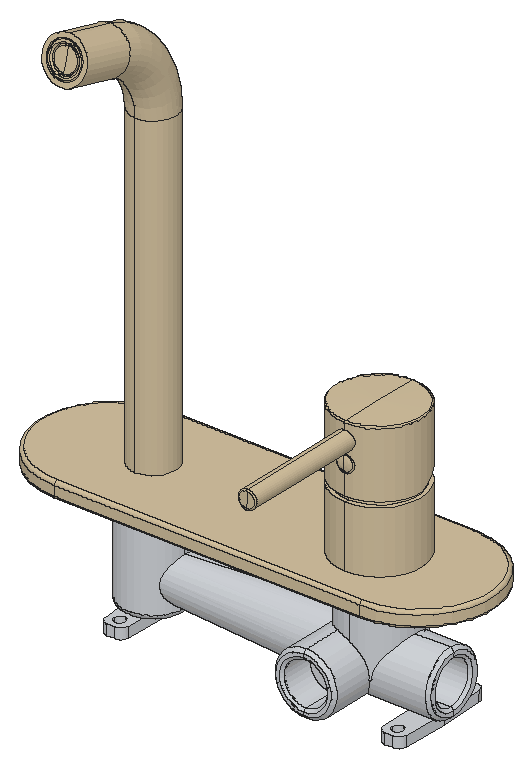
Revit family "Reece_Tap_Mizu_Drift_Wall Basin or Bath Mixer_Curved", category Plumbing Fixtures, host Face, Revit 2018
Family settings
  Host = Face
  Round Connector Dimension = Use Diameter
  Part Type = Normal
  Cut with Voids When Loaded = No
  Shared = Yes
  Room Calculation Point = Yes
Parameters (values of type "187 mm_Brushed Brass")
  WFU = 0  # constant formula
  URL = "https://www.reece.com.au/product/-2267393"
  Type Comments = "Tap"
  Reece_Tap_Reach = 187 mm  # constant formula
  Reece_Tap_Inlet = 25 mm  # constant formula
  Reece_Stand_Radius = 19 mm  # constant formula
  Reece_Product_Web Page = "https://www.reece.com.au/product/-2267393"
  Reece_Product_Type = "Tap"  # constant formula
  Reece_Product_Sub Brand = "Drift"  # constant formula
  Reece_Product_Number = "2267393"
  Reece_Product_Mount = "Wall Mounted"  # constant formula
  Reece_Product_Description = "Mizu Drift Wall Basin / Bath Mixer Set with Curved Spout Kit Brushed Brass (6 Star)"
  Reece_Product_Brand = "Mizu"  # constant formula
  Reece_Overall_Width = 200 mm  # constant formula
  Reece_Overall_Projection = 196.5 mm  # constant formula
  Reece_Overall_Height = 106 mm  # constant formula
  Reece_Nozzle_Pipe Radius = 12 mm  # constant formula
  Reece_Material_Main = Reece_Brass_Brushed
  Reece_Detail_Shape = "Curved"  # constant formula
  Reece_Detail_Installation = ""
  Reece_Detail_Disclaimer = "THIS FILE IS THE PROPERTY OF THE REECE GROUP. IT MAY NOT BE REPRODUCED, REVERSE-ENGINEERED, OR MODIFIED. ANY REPUBLICATION, TRANSMISSION, OR DISTRIBUTION FOR THE PURPOSE OF COMMERCIALLY EXPLOITING THE FILES IS PROHIBITED."  # constant formula
  Reece_Detail_Connector = ""
  Reece_Detail_Additional = ""  # constant formula
  Model = "Drift"
  Manufacturer = "Mizu"
  Keynote = "Product #2267393, Reece_Tap_Mizu_Drift_Wall Basin or Bath Mixer_Curved - 187 mm_Brushed Brass"
  HWFU = 0  # constant formula
  Disclaimer = "THIS FILE IS THE PROPERTY OF THE REECE GROUP. IT MAY NOT BE REPRODUCED, REVERSE-ENGINEERED, OR MODIFIED. ANY REPUBLICATION, TRANSMISSION, OR DISTRIBUTION FOR THE PURPOSE OF COMMERCIALLY EXPLOITING THE FILES IS PROHIBITED."  # constant formula
  Description = "Mizu Drift Wall Basin / Bath Mixer Set with Curved Spout Kit Brushed Brass (6 Star)"
  Default Elevation = 1000 mm
  CWFU = 0  # constant formula
Types (5, lengths in mm): name | URL | Reece_Product_Web Page | Reece_Product_Number | Reece_Product_Description | Reece_Material_Main | Keynote | Description
  187 mm_Brushed Brass | "https://www.reece.com.au/product/-2267393" | "https://www.reece.com.au/product/-2267393" | "2267393" | "Mizu Drift Wall Basin / Bath Mixer Set with Curved Spout Kit Brushed Brass (6 Star)" | Reece_Brass_Brushed | "Product #2267393, Reece_Tap_Mizu_Drift_Wall Basin or Bath Mixer_Curved - 187 mm_Brushed Brass" | "Mizu Drift Wall Basin / Bath Mixer Set with Curved Spout Kit Brushed Brass (6 Star)"
  187 mm_Chrome | "https://www.reece.com.au/product/-2267365" | "https://www.reece.com.au/product/-2267365" | "2267365" | "Mizu Drift Wall Basin / Bath Mixer Set with Curved Spout Kit Chrome (6 Star)" | Reece_Brass_Chrome | "Product #2267365, Reece_Tap_Mizu_Drift_Wall Basin or Bath Mixer_Curved - 187 mm_Chrome" | "Mizu Drift Wall Basin / Bath Mixer Set with Curved Spout Kit Chrome (6 Star)"
  187 mm_Brushed Gunmetal | "https://www.reece.com.au/product/-2267386" | "https://www.reece.com.au/product/-2267386" | "2267386" | "Mizu Drift Wall Basin / Bath Mixer Set with Curved Spout Kit Brushed Gunmetal (6 Star)" | Reece_Brass_Brushed Gunmetal | "Product #2267386, Reece_Tap_Mizu_Drift_Wall Basin or Bath Mixer_Curved - 187 mm_Brushed Gunmetal" | "Mizu Drift Wall Basin / Bath Mixer Set with Curved Spout Kit Brushed Gunmetal (6 Star)"
  187 mm_Brushed Nickel | "https://www.reece.com.au/product/-2267379" | "https://www.reece.com.au/product/-2267379" | "2267379" | "Mizu Drift Wall Basin / Bath Mixer Set with Curved Spout Kit Brushed Nickel (6 Star)" | Reece_Brass_Brushed Nickel | "Product #2267379, Reece_Tap_Mizu_Drift_Wall Basin or Bath Mixer_Curved - 187 mm_Brushed Nickel" | "Mizu Drift Wall Basin / Bath Mixer Set with Curved Spout Kit Brushed Nickel (6 Star)"
  187 mm_Matte Black | "https://www.reece.com.au/product/-2267372" | "https://www.reece.com.au/product/-2267372" | "2267372" | "Mizu Drift Wall Basin / Bath Mixer Set with Curved Spout Kit Matte Black (6 Star)" | Reece_Brass_Matte Black | "Product #2267372, Reece_Tap_Mizu_Drift_Wall Basin or Bath Mixer_Curved - 187 mm_Matte Black" | "Mizu Drift Wall Basin / Bath Mixer Set with Curved Spout Kit Matte Black (6 Star)"
Reference planes
  plane 1 "Center (Front/Back)": y = 0
  plane 2: z = 0
  plane 3 "Center (Left/Right)": x = 0
  plane 4: z = 187
  plane 5: y = -48.861
  plane 6: z = 196.5
  plane 7: through (0, -48.861, 187) normal (0, 0.2588, 0.9659)
  plane 8: y = -32.5
  plane 9: y = 32.5
  plane 10: x = -100
  plane 11: x = 100
  plane 12: y = -73.5
Forms (mm)
  Revolve 1, solid, material "Reece_Brass_Brushed" <- "Reece_Material_Main"
    sketch origin (49.911, 0.055, -117.916) x (0, 1, 0) y (0, 0, 1)
      loop
        line (-19, 151.8) -> (-19, 117.916) -> (0, 117.916) -> (0, 157.8) -> (-13.55, 157.8) -> (-13.55, 161.484)
        arc (-13.55, 161.484) -> (-15.908, 156.868) -> (-17, 151.8) r 20
        line (-17, 151.8) -> (-19, 151.8)
      axis (0, 161.484) -> (0, 117.916)
    angle from 0 to 360
  Extrusion 2, void
    sketch origin (49.911, 5.683, 45.943) x (0, -0.91357, -0.406681) y (1, 0, 0)
      loop
        line (39.237, 24.5) -> (-51.116, 24.5) -> (-51.116, -24.5) -> (39.237, -24.5) -> (39.237, 24.5)
    from -20.185 to -6.612
  Revolve 3, solid, material "Reece_Brass_Brushed" <- "Reece_Material_Main"
    sketch origin (49.911, 0.055, -117.916) x (0, 1, 0) y (0, 0, 1)
      loop
        line (-73.215, 176.258) -> (-11.215, 176.258) -> (-11.215, 179.458) -> (-12.015, 180.258) -> (-72.715, 180.258)
        arc (-72.715, 180.258) -> (-73.069, 180.112) -> (-73.215, 179.758) r 0.5
        line (-73.215, 179.758) -> (-73.215, 176.258)
      axis (-11.215, 176.258) -> (-73.215, 176.258)
    angle from 0 to 360
  Revolve 4, solid, material "Reece_Brass_Brushed" <- "Reece_Material_Main"
    sketch origin (49.911, 0.055, -117.916) x (0, 1, 0) y (0, 0, 1)
      loop
        arc (-18.504, 183.63) -> (-18.856, 183.472) -> (-19, 183.114) r 0.517
        line (-19, 183.114) -> (-19, 154.116) -> (-17.998, 154.116) -> (-17.5, 161.235) -> (-17.5, 164.116) -> (0, 164.116) -> (0, 184)
        arc (0, 184) -> (-9.254, 183.907) -> (-18.504, 183.63) r 466.11
      axis (0, 184) -> (0, 154.116)
    angle from 0 to 360
  Extrusion 5, solid
    sketch origin (49.911, 7.086, -35) x (0, -1, 0) y (0, 0, 1)
      loop
        arc (-8.914, -1.5) -> (-5.253, -10.339) -> (3.586, -14) r 12.5
        line (3.586, -14) -> (7.086, -14) -> (7.086, -11) -> (3.586, -11)
        arc (3.586, -11) -> (-3.132, -8.218) -> (-5.914, -1.5) r 9.5
        line (-5.914, -1.5) -> (-5.914, 35) -> (-12.914, 35) -> (-12.914, 33.5)
        arc (-12.914, 33.5) -> (-12.621, 32.793) -> (-11.914, 32.5) r 1
        line (-11.914, 32.5) -> (-10.914, 32.5)
        arc (-10.914, 32.5) -> (-9.5, 31.914) -> (-8.914, 30.5) r 2
        line (-8.914, 30.5) -> (-8.914, -1.5)
    from 9.327 to -9.327
  Revolve 6, solid
    sketch origin (49.911, 7.086, -35) x (0, -1, 0) y (0, 0, 1)
      loop
        line (27.086, 33.5) -> (27.086, 35) -> (7.086, 35) -> (7.086, -1.146) -> (23.086, -1.146) -> (23.086, 30.5)
        arc (23.086, 30.5) -> (23.671, 31.914) -> (25.086, 32.5) r 2
        line (25.086, 32.5) -> (26.086, 32.5)
        arc (26.086, 32.5) -> (26.793, 32.793) -> (27.086, 33.5) r 1
      axis (7.086, 35) -> (7.086, -1.146)
    angle from 0 to 360
  Extrusion 7, void
    sketch origin (49.911, 7.086, -35) x (0, -1, 0) y (0, 0, 1)
      loop
        arc (-29.2, -13.737) -> (-25.539, -22.576) -> (-16.7, -26.237) r 12.5
        line (-16.7, -26.237) -> (7.086, -26.237) -> (7.086, -11) -> (3.586, -11)
        arc (3.586, -11) -> (-3.132, -8.218) -> (-5.914, -1.5) r 9.5
        line (-5.914, -1.5) -> (-5.914, 35) -> (-12.914, 35) -> (-12.914, 33.5)
        arc (-12.914, 33.5) -> (-12.621, 32.793) -> (-11.914, 32.5) r 1
        line (-11.914, 32.5) -> (-29.2, 32.5) -> (-29.2, -13.737)
    from 23.664 to -25.317
  Revolve 8, solid
    sketch origin (49.911, 7.086, -35) x (0, -1, 0) y (0, 0, 1)
      loop
        line (27.086, 33.5) -> (27.086, 35) -> (7.086, 35) -> (7.086, 30.5) -> (23.086, 30.5)
        arc (23.086, 30.5) -> (23.671, 31.914) -> (25.086, 32.5) r 2
        line (25.086, 32.5) -> (26.086, 32.5)
        arc (26.086, 32.5) -> (26.793, 32.793) -> (27.086, 33.5) r 1
      axis (7.086, 35) -> (7.086, 30.5)
    angle from 0 to 360
  Revolve 9, solid
    sketch origin (43, 7.086, -35) x (0, -1, 0) y (0, 0, 1)
      loop
        line (8.163, -13.75) -> (38.586, -13.75) -> (40.086, -12.25) -> (40.086, -10.7) -> (38.886, -9.5) -> (25.086, -9.5) -> (25.086, 0) -> (8.163, 0) -> (8.163, -13.75)
      axis (8.163, 0) -> (40.086, 0)
    angle from 0 to 360
  Revolve 10, solid
    sketch origin (0, 0, 0) x (1, 0, 0) y (0, 0, 1)
      loop
        line (-48.087, -44.103) -> (43, -49) -> (81.5, -49) -> (83, -47.5) -> (83, -45.7) -> (81.8, -44.5) -> (68, -44.5) -> (68, -35) -> (-48.087, -35) -> (-48.087, -44.103)
      axis (83, -35) -> (-48.087, -35)
    angle from 0 to 360
  Revolve 11, solid
    sketch origin (0, 0, 0) x (1, 0, 0) y (0, 0, 1)
      loop
        line (-50, 0) -> (-64, 0) -> (-64, -46.75)
        arc (-64, -46.75) -> (-63.414, -48.164) -> (-62, -48.75) r 2
        line (-62, -48.75) -> (-50, -48.75) -> (-50, 0)
      axis (-50, -48.75) -> (-50, 0)
    angle from 0 to 360
  Extrusion 12, solid
    sketch origin (0, 0, 0) x (1, 0, 0) y (0, 1, 0)
      loop
        line (-44.179, 0) -> (-44.882, 20.122)
        arc (-44.882, 20.122) -> (-45.949, 22.518) -> (-48.38, 23.5) r 3.5
        line (-48.38, 23.5) -> (-51.62, 23.5)
        arc (-51.62, 23.5) -> (-54.051, 22.518) -> (-55.118, 20.122) r 3.5
        line (-55.118, 20.122) -> (-55.821, 0) -> (-55.118, -20.122)
        arc (-55.118, -20.122) -> (-54.051, -22.518) -> (-51.62, -23.5) r 3.5
        line (-51.62, -23.5) -> (-48.38, -23.5)
        arc (-48.38, -23.5) -> (-45.949, -22.518) -> (-44.882, -20.122) r 3.5
        line (-44.882, -20.122) -> (-44.179, 0)
      loop
        circle (-50, 18.5) r 2.5
      loop
        circle (-50, -18.5) r 2.5
      loop
        line (78.118, -20.122) -> (78.821, 0) -> (78.118, 20.122)
        arc (78.118, 20.122) -> (77.051, 22.518) -> (74.62, 23.5) r 3.5
        line (74.62, 23.5) -> (71.38, 23.5)
        arc (71.38, 23.5) -> (68.949, 22.518) -> (67.882, 20.122) r 3.5
        line (67.882, 20.122) -> (67.179, 0) -> (67.882, -20.122)
        arc (67.882, -20.122) -> (68.949, -22.518) -> (71.38, -23.5) r 3.5
        line (71.38, -23.5) -> (74.62, -23.5)
        arc (74.62, -23.5) -> (77.051, -22.518) -> (78.118, -20.122) r 3.5
      loop
        circle (73, -18.5) r 2.5
      loop
        circle (73, 18.5) r 2.5
    from -52.75 to -48.3
  Revolve 13, void
    sketch origin (49.911, 7.086, -35) x (0, -1, 0) y (0, 0, 1)
      loop
        line (27.086, -11.609) -> (27.086, 38.751) -> (7.086, 38.751) -> (7.086, -11.609) -> (27.086, -11.609)
      axis (7.086, 38.751) -> (7.086, -11.609)
    angle from 0 to 360
  Revolve 14, void
    sketch origin (0, 0, 0) x (1, 0, 0) y (0, 0, 1)
      loop
        line (-50, 11.25) -> (-64, 11.25) -> (-64, -48.75) -> (-50, -48.75) -> (-50, 11.25)
      axis (-50, -48.75) -> (-50, 11.25)
    angle from 0 to 360
  Revolve 15, solid, material "Reece_Brass_Brushed" <- "Reece_Material_Main"
    sketch origin (49.911, 0.967, -120.53) x (0, -1, 0) y (0, 0, -1)
      loop
        arc (19.269, -173.642) -> (19.651, -173.532) -> (19.915, -173.234) r 0.716
        arc (19.915, -173.234) -> (20.503, -171.536) -> (20.702, -169.75) r 8.104
        line (20.702, -169.75) -> (16.178, -169.75) -> (16.178, -173.642) -> (19.269, -173.642)
      axis (16.178, -169.75) -> (20.702, -169.75)
    angle from 0 to 360
  Revolve 16, void
    sketch origin (49.911, 0.967, -120.53) x (0, -1, 0) y (0, 0, -1)
      loop
        arc (20.458, -173.621) -> (20.84, -173.51) -> (21.104, -173.213) r 0.716
        arc (21.104, -173.213) -> (21.689, -171.525) -> (21.891, -169.75) r 8.104
        line (21.891, -169.75) -> (17.922, -169.75) -> (17.922, -173.621) -> (20.458, -173.621)
      axis (17.922, -169.75) -> (21.891, -169.75)
    angle from 0 to 360
  Extrusion 17, solid, material "Reece_Brass_Brushed" <- "Reece_Material_Main"
    sketch origin (0, 0, 0) x (1, 0, 0) y (0, 1, 0)
      loop
        circle (49.911, 0.055) r 19
      loop
        circle (-50, 0) r 10
      loop
        arc (-67.5, 27.5) -> (-95, 0) -> (-67.5, -27.5) r 27.5
        line (-67.5, -27.5) -> (67.5, -27.5)
        arc (67.5, -27.5) -> (95, 0) -> (67.5, 27.5) r 27.5
        line (67.5, 27.5) -> (-67.5, 27.5)
    from 0 to 6.5
  Sweep 18, solid, material "Reece_Brass_Brushed" <- "Reece_Material_Main"
    path origin (0, 0, 0) x (1, 0, 0) y (0, 1, 0)
      loop
        line (-67.5, -32.5) -> (67.5, -32.5)
        arc (67.5, -32.5) -> (100, 0) -> (67.5, 32.5) r 32.5
        line (67.5, 32.5) -> (-67.5, 32.5)
        arc (-67.5, 32.5) -> (-100, 0) -> (-67.5, -32.5) r 32.5
    profile origin (0, -32.5, 0) x (0, 1, 0) y (0, 0, 1)
      loop
        line (0, 5) -> (0, 0.5)
        arc (0, 0.5) -> (0.146, 0.146) -> (0.5, 0) r 0.5
        line (0.5, 0) -> (5, 0) -> (5, 6.5) -> (1.5, 6.5)
        arc (1.5, 6.5) -> (0.439, 6.061) -> (0, 5) r 1.5
  Revolve 19, void
    sketch origin (-50, -289.197, 59.273) x (0, 0.139173, -0.990268) y (0, 0.990268, 0.139173)
      loop
        line (-96.903, 259.586) -> (-97.639, 259.898) -> (-98.167, 258.656) -> (-99.017, 258.313) -> (-99.744, 258.622) -> (-100.121, 259.555) -> (-101.676, 255.893) -> (-94.312, 252.767) -> (-92.727, 256.501) -> (-97.375, 258.474) -> (-96.903, 259.586)
      axis (-94.312, 252.767) -> (-92.255, 257.613)
    angle from 0 to 360
  Sweep 20, solid, material "Reece_Brass_Brushed" <- "Reece_Material_Main"
    path origin (0, 0, 0) x (0, 1, 0) y (0, 0, 1)
      loop
        line (-48.861, 187) -> (-25.941, 180.859)
        arc (-25.941, 180.859) -> (-7.233, 168.358) -> (0, 147.051) r 35
        line (0, 147.051) -> (0, 0)
    profile origin (0, -37.401, 183.929) x (0, 0.258819, 0.965926) y (1, 0, 0)
      loop
        circle (0, -50) r 10
Cuts and joins
  Extrusion 2, Revolve 16 cuts Revolve 4
  joined: Revolve 3, Revolve 4
  Extrusion 7 cuts Revolve 6
  joined: Revolve 6, Revolve 8, Revolve 9, Revolve 10, Revolve 11, Extrusion 12
  Revolve 19 cuts Sweep 20
  joined: Revolve 1, Extrusion 17, Sweep 18, Sweep 20
Lines and regions (mm)
  reference lines
    curve 1: line (-50, 0, 10.73) -> (-50, 0, 171.228)
    curve 2: line (49.911, -27.613, 23.883) -> (49.911, 43.373, 55.483)
    curve 3: line (-53.474, -6.018, 22.5) -> (-50, 0, 22.5)
    curve 4: line (43, 7.086, -35) -> (43, -32.914, -35)
    curve 5: line (49.911, 7.086, -35) -> (49.911, -32.914, -35)
Text (mm)
  text "Reece Copyright © 2018, Reece Ltd." at (-510.533, -96.719, 0), in view "Ref. Level"
  text "Reece ©" at (38.562, 208.856, 148.073), in view "Reece Preview"
Dimensions and locks
  locked: Revolve 1 sketch curve to Revolve 1 sketch curve at 6
  "Reece_Stand_Radius": Revolve 1 sketch curve to Revolve 1 sketch curve
  Extrusion 2 sketch curve to Extrusion 2 sketch curve = 49 mm
  locked: Revolve 3 sketch curve to Revolve 3 sketch curve at 4
  "Reece_Stand_Radius": Revolve 4 sketch curve to Revolve 4 sketch curve
  locked: Revolve 4 sketch curve to Revolve 4 sketch curve at 1.5
  locked: Revolve 4 sketch curve to Revolve 4 sketch curve at 10
  "Reece_Tap_Reach": plane 4 to level
  "Reece_Overall_Projection": level to plane 6
  "Reece_Overall_Width": plane 10 to plane 11
  equal spacing: plane 10, plane 3 "Center (Left/Right)", plane 11
  "Reece_Overall_Height": plane 12 to plane 9
  plane 8 to plane 9 = 65 mm
  cut or joined group of Revolve 1, Extrusion 17, Sweep 18, Revolve 19, Sweep 20 to curve 2 = 99.911 mm
  angle plane 7 to plane 5 = 105.00°
  angle plane 5 to plane 7 = 105.00°
  aligned and locked: plane 2 to host face
  aligned and locked: level to host face
  aligned and locked: Revolve 4 sketch curve to Revolve 4 sketch curve
Automatic sketch dimensions
  host sketch curve to host sketch curve = 380.785 mm
  host sketch curve to host sketch curve = 317.421 mm
  curve 1 to plane 1 "Center (Front/Back)" = 0 mm
  level to curve 1 = 10.73 mm
  plane 1 "Center (Front/Back)" to curve 2 = 27.613 mm
  level to curve 2 = 23.883 mm
  curve 2 to plane 1 "Center (Front/Back)" = 43.373 mm
  plane 3 "Center (Left/Right)" to Extrusion 2 sketch curve = 74.411 mm
  Extrusion 2 sketch curve to Extrusion 2 sketch curve = 90.354 mm
  plane 1 "Center (Front/Back)" to curve 3 = 0 mm
  plane 1 "Center (Front/Back)" to curve 3 = 6.018 mm
  curve 3 to plane 3 "Center (Left/Right)" = 53.474 mm
  curve 3 to curve 3 = 3.474 mm
  plane 1 "Center (Front/Back)" to curve 4 = 32.914 mm
  plane 3 "Center (Left/Right)" to curve 4 = 43 mm
  curve 4 to curve 5 = 3.456 mm  (x2)
  curve 4 to curve 4 = 34.641 mm
  curve 5 to curve 4 = 5.985 mm  (x2)
  curve 5 to curve 5 = 20 mm
  Extrusion 5 sketch curve to Extrusion 5 sketch curve = 0 mm  (x2)
  Extrusion 5 sketch curve to curve 5 = 12.914 mm
  Extrusion 5 sketch curve to Extrusion 5 sketch curve = 1 mm  (x2)
  Extrusion 5 sketch curve to Extrusion 5 sketch curve = 2 mm
  Extrusion 5 sketch curve to Extrusion 5 sketch curve = 3 mm  (x2)
  curve 5 to Extrusion 5 sketch curve = 1.5 mm
  curve 5 to Extrusion 5 sketch curve = 3.586 mm
  Extrusion 5 sketch curve to Extrusion 5 sketch curve = 3.5 mm
  Extrusion 5 sketch curve to curve 5 = 11 mm
  curve 5 to Extrusion 5 sketch curve = 30.5 mm
  Extrusion 5 sketch curve to Extrusion 5 sketch curve = 4.5 mm
  curve 5 to Revolve 6 sketch curve = 7.086 mm  (x2)
  curve 5 to Revolve 6 sketch curve = 1.146 mm
  Revolve 6 sketch curve to Revolve 6 sketch curve = 16 mm
  Revolve 6 sketch curve to Revolve 6 sketch curve = 2 mm
  Revolve 6 sketch curve to Revolve 6 sketch curve = 1 mm  (x2)
  curve 5 to Revolve 6 sketch curve = 30.5 mm
  curve 5 to Revolve 6 sketch curve = 35 mm
  curve 5 to Revolve 6 sketch curve = 65 mm
  curve 5 to Revolve 6 sketch curve = 75 mm
  curve 5 to Extrusion 7 sketch curve = 13.737 mm
  Extrusion 7 sketch curve to curve 5 = 29.2 mm
  Extrusion 7 sketch curve to Extrusion 7 sketch curve = 12.5 mm
  Extrusion 7 sketch curve to curve 5 = 12.914 mm
  Extrusion 7 sketch curve to Extrusion 7 sketch curve = 1 mm
  Extrusion 7 sketch curve to curve 5 = 5.914 mm  (x2)
  curve 5 to Extrusion 7 sketch curve = 1.5 mm
  curve 5 to Extrusion 7 sketch curve = 3.586 mm
  Extrusion 7 sketch curve to Extrusion 7 sketch curve = 3.5 mm
  Extrusion 7 sketch curve to curve 5 = 11 mm
  curve 5 to Extrusion 7 sketch curve = 32.5 mm
  Extrusion 7 sketch curve to Extrusion 7 sketch curve = 1.5 mm
  curve 5 to Revolve 8 sketch curve = 7.086 mm  (x2)
  Revolve 8 sketch curve to Revolve 8 sketch curve = 16 mm
  Revolve 8 sketch curve to Revolve 8 sketch curve = 2 mm
  Revolve 8 sketch curve to Revolve 8 sketch curve = 1 mm  (x2)
  curve 5 to Revolve 8 sketch curve = 30.5 mm
  Revolve 8 sketch curve to Revolve 8 sketch curve = 1.5 mm
  curve 5 to Revolve 8 sketch curve = 65 mm
  curve 5 to Revolve 8 sketch curve = 75 mm
  Revolve 9 sketch curve to curve 4 = 0 mm  (x3)
  curve 4 to Revolve 9 sketch curve = 0 mm
  curve 4 to Revolve 9 sketch curve = 8.163 mm
  Revolve 9 sketch curve to curve 4 = 14.914 mm
  Revolve 9 sketch curve to curve 4 = 1.414 mm
  Revolve 9 sketch curve to curve 4 = 1.114 mm
  curve 4 to Revolve 9 sketch curve = 0.086 mm
  curve 4 to Revolve 9 sketch curve = 9.5 mm
  Revolve 9 sketch curve to curve 4 = 10.7 mm
  Revolve 9 sketch curve to curve 4 = 12.25 mm
  Revolve 9 sketch curve to curve 4 = 13.75 mm
  Revolve 10 sketch curve to plane 3 "Center (Left/Right)" = 48.087 mm
  plane 3 "Center (Left/Right)" to Revolve 10 sketch curve = 43 mm
  Revolve 10 sketch curve to Revolve 10 sketch curve = 25 mm
  Revolve 10 sketch curve to Revolve 10 sketch curve = 13.5 mm
  Revolve 10 sketch curve to Revolve 10 sketch curve = 0.3 mm
  Revolve 10 sketch curve to Revolve 10 sketch curve = 1.5 mm  (x2)
  Revolve 10 sketch curve to level = 49 mm
  Revolve 10 sketch curve to Revolve 10 sketch curve = 0 mm  (x2)
  Revolve 10 sketch curve to Revolve 10 sketch curve = 1.8 mm
  Revolve 10 sketch curve to Revolve 10 sketch curve = 1.2 mm
  Revolve 10 sketch curve to level = 44.103 mm
  Revolve 10 sketch curve to Revolve 10 sketch curve = 9.5 mm
  Revolve 10 sketch curve to Revolve 10 sketch curve = 12.337 mm
  Revolve 10 sketch curve to Revolve 10 sketch curve = 25.491 mm
  plane 1 "Center (Front/Back)" to Extrusion 12 sketch curve = 0 mm  (x4)
  Extrusion 12 sketch curve to plane 3 "Center (Left/Right)" = 55.821 mm
  Extrusion 12 sketch curve to plane 1 "Center (Front/Back)" = 20.122 mm  (x4)
  Extrusion 12 sketch curve to Extrusion 12 sketch curve = 0.703 mm  (x4)
  plane 1 "Center (Front/Back)" to Extrusion 12 sketch curve = 20.122 mm  (x4)
  Extrusion 12 sketch curve to Extrusion 12 sketch curve = 3.498 mm  (x8)
  Extrusion 12 sketch curve to Extrusion 12 sketch curve = 1.62 mm  (x5)
  Extrusion 12 sketch curve to Extrusion 12 sketch curve = 3.24 mm  (x3)
  Extrusion 12 sketch curve to Extrusion 12 sketch curve = 11.641 mm  (x2)
  plane 3 "Center (Left/Right)" to Extrusion 12 sketch curve = 67.179 mm
  Extrusion 12 sketch curve to Extrusion 12 sketch curve = 3.378 mm  (x2)
  Extrusion 12 sketch curve to Extrusion 12 sketch curve = 1.5 mm  (x4)
  Extrusion 12 sketch curve to Extrusion 12 sketch curve = 1.622 mm  (x2)
  curve 5 to Revolve 13 sketch curve = 7.086 mm  (x2)
  Revolve 13 sketch curve to curve 5 = 12.914 mm
  Revolve 13 sketch curve to curve 5 = 11.609 mm
  curve 5 to Revolve 13 sketch curve = 38.751 mm
  curve 5 to Revolve 13 sketch curve = 65 mm
  curve 5 to Revolve 13 sketch curve = 75 mm
  Revolve 14 sketch curve to plane 3 "Center (Left/Right)" = 64 mm
  Revolve 14 sketch curve to Revolve 14 sketch curve = 14 mm
  Revolve 14 sketch curve to level = 48.75 mm
  level to Revolve 14 sketch curve = 11.25 mm
  Revolve 14 sketch curve to Revolve 14 sketch curve = 0 mm
  Revolve 14 sketch curve to Revolve 14 sketch curve = 17.25 mm
  Revolve 14 sketch curve to level = 4.525 mm
  plane 1 "Center (Front/Back)" to Revolve 15 sketch curve = 11.631 mm
  Revolve 15 sketch curve to Revolve 15 sketch curve = 3.58 mm
  Revolve 15 sketch curve to Revolve 15 sketch curve = 3.091 mm
  Revolve 15 sketch curve to Revolve 15 sketch curve = 1.433 mm
  Revolve 15 sketch curve to Revolve 15 sketch curve = 0.716 mm
  Revolve 15 sketch curve to Revolve 15 sketch curve = 3.892 mm
  Revolve 15 sketch curve to Revolve 15 sketch curve = 0.925 mm
  Revolve 15 sketch curve to Revolve 15 sketch curve = 4.804 mm
  Revolve 15 sketch curve to Revolve 15 sketch curve = 0 mm
  plane 1 "Center (Front/Back)" to Revolve 16 sketch curve = 12.82 mm
  Revolve 16 sketch curve to Revolve 16 sketch curve = 4.135 mm
  Revolve 16 sketch curve to Revolve 16 sketch curve = 2.536 mm
  Revolve 16 sketch curve to Revolve 16 sketch curve = 1.433 mm
  Revolve 16 sketch curve to Revolve 16 sketch curve = 0.716 mm
  Revolve 16 sketch curve to Revolve 16 sketch curve = 3.871 mm
  Revolve 16 sketch curve to Revolve 16 sketch curve = 0.021 mm
  Revolve 16 sketch curve to Revolve 16 sketch curve = 0.264 mm
  Revolve 16 sketch curve to Revolve 16 sketch curve = 3.615 mm
  Revolve 16 sketch curve to Revolve 16 sketch curve = 0 mm
  plane 1 "Center (Front/Back)" to Sweep 18 sketch curve = 32.5 mm
  Sweep 18 sketch curve to plane 3 "Center (Left/Right)" = 67.5 mm
  Sweep 18 sketch curve to plane 1 "Center (Front/Back)" = 0 mm
  plane 3 "Center (Left/Right)" to Sweep 18 sketch curve = 67.5 mm
  Extrusion 17 sketch curve to plane 1 "Center (Front/Back)" = 0.055 mm
  plane 1 "Center (Front/Back)" to Extrusion 17 sketch curve = 18.945 mm
  plane 1 "Center (Front/Back)" to Extrusion 17 sketch curve = 0 mm
  plane 1 "Center (Front/Back)" to Extrusion 17 sketch curve = 10 mm
  Revolve 11 sketch curve to level = 0 mm
  Revolve 11 sketch curve to plane 3 "Center (Left/Right)" = 64 mm
  Revolve 11 sketch curve to Revolve 11 sketch curve = 2 mm
  Revolve 11 sketch curve to Revolve 11 sketch curve = 14 mm
  Revolve 11 sketch curve to level = 46.75 mm
  Revolve 11 sketch curve to Revolve 11 sketch curve = 0 mm
  Revolve 11 sketch curve to Revolve 11 sketch curve = 4.525 mm
  Revolve 11 sketch curve to Revolve 11 sketch curve = 17.25 mm
  Sweep 18 sketch curve to profile plane = 0 mm
  Sweep 18 sketch curve to level = 0 mm
  Sweep 18 sketch curve to Sweep 18 sketch curve = 0.5 mm
  Sweep 18 sketch curve to profile plane = 1.5 mm
  Sweep 18 sketch curve to Sweep 18 sketch curve = 3.5 mm
  Sweep 18 sketch curve to Sweep 18 sketch curve = 4.5 mm
  Extrusion 17 sketch curve to Extrusion 17 sketch curve = 0 mm  (x2)
  plane 1 "Center (Front/Back)" to Extrusion 17 sketch curve = 27.5 mm
  Extrusion 17 sketch curve to plane 3 "Center (Left/Right)" = 67.5 mm
  Extrusion 17 sketch curve to Extrusion 17 sketch curve = 17.5 mm
  plane 3 "Center (Left/Right)" to Extrusion 17 sketch curve = 49.911 mm
  Extrusion 17 sketch curve to Extrusion 17 sketch curve = 17.589 mm
  Extrusion 17 sketch curve to plane 1 "Center (Front/Back)" = 0 mm
  plane 6 to Revolve 19 sketch curve = 0.927 mm
  Revolve 19 sketch curve to plane 5 = 1.084 mm
  Revolve 19 sketch curve to Revolve 19 sketch curve = 1.554 mm
  Revolve 19 sketch curve to Revolve 19 sketch curve = 0.377 mm
  Revolve 19 sketch curve to Revolve 19 sketch curve = 0.727 mm
  Revolve 19 sketch curve to Revolve 19 sketch curve = 0.85 mm
  Revolve 19 sketch curve to Revolve 19 sketch curve = 0.527 mm
  Revolve 19 sketch curve to Revolve 19 sketch curve = 0.792 mm
  Revolve 19 sketch curve to Revolve 19 sketch curve = 0.736 mm
  Revolve 19 sketch curve to Revolve 19 sketch curve = 3.063 mm
  Revolve 19 sketch curve to Revolve 19 sketch curve = 1.585 mm
  Revolve 19 sketch curve to Revolve 19 sketch curve = 3.126 mm
  Revolve 19 sketch curve to Revolve 19 sketch curve = 0.344 mm
  Revolve 19 sketch curve to Revolve 19 sketch curve = 0.309 mm
  Revolve 19 sketch curve to Revolve 19 sketch curve = 2.982 mm
  Revolve 19 sketch curve to Revolve 19 sketch curve = 10.648 mm
  Revolve 19 sketch curve to Revolve 19 sketch curve = 7.024 mm
  Revolve 19 sketch curve to Revolve 19 sketch curve = 12.162 mm
  Sweep 20 sketch curve to plane 4 = 0 mm
  Sweep 20 sketch curve to plane 5 = 0 mm
  Sweep 20 sketch curve to level = 0 mm
  Sweep 20 sketch curve to plane 1 "Center (Front/Back)" = 0 mm
  plane 5 to Sweep 20 sketch curve = 13.861 mm
  Sweep 20 sketch curve to plane 4 = 6.141 mm
  plane 5 to Sweep 20 sketch curve = 22.919 mm
  Sweep 20 sketch curve to profile plane = 0 mm
  Sweep 20 sketch curve to profile plane = 50 mm
  curve 1 to plane 4 = 15.772 mm
  level to curve 2 = 55.483 mm
  level to Revolve 15 sketch curve = 53.112 mm
  level to Revolve 16 sketch curve = 53.091 mm
  Revolve 3 sketch curve to plane 5 = 24.299 mm
  Revolve 3 sketch curve to Revolve 3 sketch curve = 0.5 mm
  plane 1 "Center (Front/Back)" to Revolve 3 sketch curve = 11.96 mm
  Revolve 3 sketch curve to Revolve 3 sketch curve = 0.8 mm  (x2)
  level to Revolve 3 sketch curve = 58.342 mm
  Revolve 3 sketch curve to Revolve 3 sketch curve = 1.412 mm
  Revolve 3 sketch curve to plane 1 "Center (Front/Back)" = 0.242 mm
  Revolve 3 sketch curve to Revolve 3 sketch curve = 0 mm
  Revolve 1 sketch curve to level = 0 mm
  Revolve 1 sketch curve to plane 8 = 13.555 mm
  Revolve 1 sketch curve to Revolve 1 sketch curve = 2 mm
  Revolve 1 sketch curve to Revolve 1 sketch curve = 3.45 mm
  Revolve 1 sketch curve to plane 1 "Center (Front/Back)" = 0.055 mm
  Revolve 1 sketch curve to plane 1 "Center (Front/Back)" = 2.988 mm
  level to Revolve 1 sketch curve = 32.24 mm
  Revolve 1 sketch curve to Revolve 1 sketch curve = 1.644 mm
  Revolve 1 sketch curve to Revolve 1 sketch curve = 458.726 mm
  Revolve 1 sketch curve to plane 6 = 2132.454 mm
  Revolve 4 sketch curve to plane 8 = 13.555 mm
  Revolve 4 sketch curve to Revolve 4 sketch curve = 0.517 mm
  Revolve 4 sketch curve to Revolve 4 sketch curve = 1.002 mm
  Revolve 4 sketch curve to plane 1 "Center (Front/Back)" = 0.111 mm
  Revolve 4 sketch curve to level = 400.026 mm
  level to Revolve 4 sketch curve = 36.2 mm
  Revolve 4 sketch curve to Revolve 4 sketch curve = 2.881 mm
  Revolve 4 sketch curve to Revolve 4 sketch curve = 18.998 mm
  Revolve 4 sketch curve to Revolve 4 sketch curve = 0.886 mm
  Revolve 4 sketch curve to Revolve 4 sketch curve = 58.7 mm
  Revolve 4 sketch curve to plane 6 = 2081.448 mm
  radius of Extrusion 12 sketch curve = 2.5 mm  (x4)
  radius of Sweep 20 sketch curve = 10 mm
Connectors
  piping at (43, -18, -35), diameter 25, driven by "Reece_Tap_Inlet"
    settings: on cut or joined group of Revolve 6, Extrusion 7, Revolve 8, Revolve 9, Revolve 10, Revolve 11, Extrusion 12, index 1, connector inside diameter 609.6 mm, connector length 0 mm, flow factor 0, pipe flow 0.0 L/s, pressure drop 0.0 Pa, fitting loss kfactor 0, connector angle 0.00°, fixture units 0, engagement length 0 mm, angle of deflection 0.00°, flow configuration 0, flow direction 1, fitting loss method 0, system type 29, joint type 0, gender type 0, connector reference index -1, connector utility 0, adjustable connector no, is connector primary yes, connector description ""
  piping at (68, 0, -35), diameter 25, driven by "Reece_Tap_Inlet"
    settings: on cut or joined group of Revolve 6, Extrusion 7, Revolve 8, Revolve 9, Revolve 10, Revolve 11, Extrusion 12, index 2, connector inside diameter 609.6 mm, connector length 0 mm, flow factor 0, pipe flow 0.0 L/s, pressure drop 0.0 Pa, fitting loss kfactor 0, connector angle 0.00°, fixture units 0, engagement length 0 mm, angle of deflection 0.00°, flow configuration 0, flow direction 1, fitting loss method 0, system type 29, joint type 0, gender type 0, connector reference index -1, connector utility 0, adjustable connector no, is connector primary no, connector description ""
